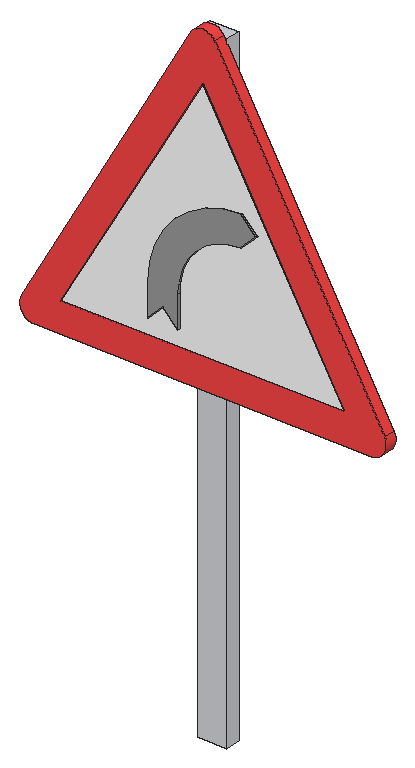
Revit family "CC_SEñales", category Parking, Revit 2018
Family settings
  Work Plane-Based = No
  Always vertical = Yes
  Cut with Voids When Loaded = No
  Shared = No
Parameters (values of type "Panel.Definitivo.CurvaDer")
  tipo1 = CC_Panel_GraficoCurvIzq : CC_Panel_GraficoCurvIzq
  tipo grafico = CC_Panel_GraficoCruIzq : CC_Panel_GraficoCruIzq
  Panel.Prohibido.Diametro.Interior = 900 mm - 120 mm  # 780 mm
  Panel.Prohibido.Diametro = 900 mm
  Panel.Fondo = Panel.Blanco
  Panel.Espesor = 40 mm
  Grafico.Curva.Der = yes
  Grafico.Curva.Izq = no
  Grafico.Cruce.Izq = no
  CC.Palo.Profundidad = 50 mm
  CC.Palo.Ancho = 100 mm
Types (6, lengths in mm): name | Panel.Fondo | Grafico.Curva.Der | Grafico.Curva.Izq | Grafico.Cruce.Izq
  Panel.Definitivo.CurvaIzq | Panel.Blanco | yes | no | no
  Panel.Definitivo.CurvaDer | Panel.Blanco | yes | no | no
  Panel.Obra.CurvaDer | Panel.Amarillo | yes | no | no
  Panel.Obra.CurvaIzq | Panel.Amarillo | no | yes | no
  Panel.Definitivo.CruceIzq | Panel.Amarillo | no | no | yes
  Panel.Obra.CruceIzq | Panel.Amarillo | no | no | yes
Reference planes
  plane 1 "Center (Front/Back)": y = 0
  plane 2: z = 0
  plane 3 "Center (Left/Right)": x = 0
  plane 4: y = -40
Forms (mm)
  Extrusion 1, solid, material "Panel.Rojo"
    sketch origin (443.334, 0, 1260) x (1, 0, 0) y (0, 0, 1)
      loop
        line (-1027.237, -149.711) -> (140.569, -149.711)
        arc (140.569, -149.711) -> (183.871, -124.711) -> (183.87, -74.711) r 50
        line (183.87, -74.711) -> (-404.545, 945.801)
        arc (-404.545, 945.801) -> (-449.986, 968.326) -> (-490.471, 937.779) r 48.257
        line (-490.471, 937.779) -> (-1070.622, -74.856)
        arc (-1070.622, -74.856) -> (-1070.497, -124.784) -> (-1027.237, -149.711) r 50
      loop
        line (-936.468, -44.711) -> (45.306, -44.711) -> (-443.334, 800.425) -> (-936.468, -44.711)
    from 0 to 40
  Extrusion 2, solid, material "Panel.Blanco" <- "Panel.Fondo"
    sketch origin (0, 0, 1500) x (1, 0, 0) y (0, 0, 1)
      loop
        line (-493.135, -284.711) -> (488.641, -284.711) -> (0, 560.425) -> (-493.135, -284.711)
    from 0 to 40
  Extrusion 3, solid
    sketch origin (0.209, -15, 0) x (1, 0, 0) y (0, 1, 0)
      loop
        line (-50, 65) -> (-50, 15) -> (50, 15) -> (50, 65) -> (-50, 65)
    from 0 to 2200
Dimensions and locks
  "Panel.Espesor": plane 4 to plane 1 "Center (Front/Back)"
  Extrusion 1 sketch curve to level = 2205.801 mm
  Extrusion 3 sketch curve to Extrusion 3 sketch curve = 100 mm
  Extrusion 3 sketch curve to Extrusion 3 sketch curve = 50 mm
  "CC.Palo.Ancho": Extrusion 3 to Extrusion 3
  "CC.Palo.Profundidad": Extrusion 3 to Extrusion 3
  aligned and locked: Extrusion 2 to plane 4
  aligned and locked: Extrusion 2 sketch curve to Extrusion 1
  aligned and locked: Extrusion 1 to Extrusion 2 sketch curve
  aligned and locked: Extrusion 1 to plane 4
  aligned and locked: Extrusion 2 to plane 1 "Center (Front/Back)"
  aligned and locked: plane 4 to nested 2
  aligned and locked: plane 3 "Center (Left/Right)" to nested 2
  aligned and locked: plane 3 "Center (Left/Right)" to nested 3
  aligned and locked: plane 4 to nested 3
  aligned and locked: plane 1 "Center (Front/Back)" to Extrusion 3
Automatic sketch dimensions
  Extrusion 3 sketch curve to plane 3 "Center (Left/Right)" = 49.791 mm
  Extrusion 3 sketch curve to Extrusion 3 sketch curve = 100 mm
  Extrusion 3 sketch curve to plane 1 "Center (Front/Back)" = 0 mm
  Extrusion 3 sketch curve to Extrusion 3 sketch curve = 50 mm
  Extrusion 2 sketch curve to plane 3 "Center (Left/Right)" = 0 mm
  plane 3 "Center (Left/Right)" to Extrusion 2 sketch curve = 488.641 mm
  Extrusion 1 sketch curve to plane 3 "Center (Left/Right)" = 0 mm
  Extrusion 1 sketch curve to plane 3 "Center (Left/Right)" = 2.166 mm
  Extrusion 1 sketch curve to plane 3 "Center (Left/Right)" = 47.137 mm
  Extrusion 1 sketch curve to Extrusion 1 sketch curve = 90.769 mm
  plane 3 "Center (Left/Right)" to Extrusion 1 sketch curve = 38.789 mm
  plane 3 "Center (Left/Right)" to Extrusion 1 sketch curve = 488.64 mm
  Extrusion 1 sketch curve to Extrusion 1 sketch curve = 95.263 mm
  Extrusion 1 sketch curve to Extrusion 1 sketch curve = 43.301 mm
  Extrusion 1 sketch curve to Extrusion 1 sketch curve = 55 mm
  Extrusion 1 sketch curve to Extrusion 1 sketch curve = 145.376 mm
  Extrusion 1 sketch curve to Extrusion 1 sketch curve = 25.523 mm
  Extrusion 1 sketch curve to Extrusion 1 sketch curve = 43.384 mm
  Extrusion 1 sketch curve to plane 3 "Center (Left/Right)" = 493.135 mm
  Extrusion 1 sketch curve to Extrusion 1 sketch curve = 50 mm  (x2)
  Extrusion 1 sketch curve to Extrusion 1 sketch curve = 845.136 mm
Nested families
  nested 1: "CC_Panel_GraficoCurvIzq" at (0, -40, 1500), visible <- "Grafico.Curva.Izq", type <- "tipo1", type "CC_Panel_GraficoCurvIzq"
  nested 2: "CC_Panel_GraficoCurvDer" at (0, -40, 1500), visible <- "Grafico.Curva.Der", type "CC_Panel_GraficoCurvDer"
  nested 3: "CC_Panel_GraficoCruIzq" at (0, -40, 1500), visible <- "Grafico.Cruce.Izq", type <- "tipo grafico", type "CC_Panel_GraficoCruIzq"
Definition of nested family "CC_Panel_GraficoCurvIzq"
  Parameters (values of type "CC_Panel_GraficoCurvIzq")
    Panel.Fondo = none
  Reference planes
    plane 1 "Center (Front/Back)": y = 0
    plane 2: z = 0
    plane 3 "Center (Left/Right)": x = 0
  Forms (mm)
    Extrusion 1, solid
      sketch origin (0, 0, 0) x (1, 0, 0) y (0, 0, 1)
        loop
          arc (186.873, -118.21) -> (92.381, 109.796) -> (-135.624, 204.288) r 322.615
          line (-135.624, 204.288) -> (-188.124, 151.788) -> (-135.624, 99.289)
          arc (-135.624, 99.289) -> (18.147, 35.562) -> (81.874, -118.21) r 217.577
          line (81.874, -118.21) -> (81.874, -230.709) -> (134.373, -178.209) -> (186.873, -230.709) -> (186.873, -118.21)
      from 0 to 5
  Lines and regions (mm)
    symbolic lines
      curve 1: line (-675, 0, -389.711) -> (675, 0, -389.711)
      curve 2: line (-675, 0, -389.711) -> (0, 0, 779.423)
      curve 3: line (0, 0, 779.423) -> (675, 0, -389.711)
      curve 4: line (-493.135, 0, -284.711) -> (0, 0, 569.423)
      curve 5: line (0, 0, 569.423) -> (493.135, 0, -284.711)
      curve 6: line (-493.135, 0, -284.711) -> (493.135, 0, -284.711)
  Dimensions and locks
    aligned and locked: level to plane 2
Definition of nested family "CC_Panel_GraficoCurvDer"
  Parameters (values of type "CC_Panel_GraficoCurvDer")
    Panel.Fondo = none
  Reference planes
    plane 1 "Center (Front/Back)": y = 0
    plane 2: z = 0
    plane 3 "Center (Left/Right)": x = 0
  Forms (mm)
    Extrusion 1, solid
      sketch origin (0, 0, 0) x (1, 0, 0) y (0, 0, 1)
        loop
          line (-187.514, -117.214) -> (-187.514, -229.713) -> (-135.015, -177.213) -> (-82.515, -229.713) -> (-82.515, -117.214)
          arc (-82.515, -117.214) -> (-18.788, 36.557) -> (134.983, 100.284) r 217.577
          line (134.983, 100.284) -> (187.483, 152.784) -> (134.983, 205.283)
          arc (134.983, 205.283) -> (-93.023, 110.792) -> (-187.514, -117.214) r 322.615
      from 0 to 5
  Lines and regions (mm)
    symbolic lines
      curve 1: line (-675, 0, -389.711) -> (675, 0, -389.711)
      curve 2: line (-675, 0, -389.711) -> (0, 0, 779.423)
      curve 3: line (0, 0, 779.423) -> (675, 0, -389.711)
      curve 4: line (-493.135, 0, -284.711) -> (0, 0, 569.423)
      curve 5: line (0, 0, 569.423) -> (493.135, 0, -284.711)
      curve 6: line (-493.135, 0, -284.711) -> (493.135, 0, -284.711)
  Dimensions and locks
    aligned and locked: level to plane 2
Definition of nested family "CC_Panel_GraficoCruIzq"
  Parameters (values of type "CC_Panel_GraficoCruIzq")
    Panel.Fondo = none
  Reference planes
    plane 1 "Center (Front/Back)": y = 0
    plane 2: z = 0
    plane 3 "Center (Left/Right)": x = 0
  Forms (mm)
    Extrusion 1, solid
      sketch origin (0, 0, 0) x (1, 0, 0) y (0, 0, 1)
        loop
          line (-97.549, 242.09) -> (-97.549, 95.591) -> (-225.048, 95.591) -> (-225.048, 11.592) -> (-97.549, 11.592) -> (-97.549, -230.406) -> (-0.05, -132.907) -> (97.449, -230.406) -> (97.449, 242.09) -> (-0.05, 339.589) -> (-97.549, 242.09)
      from 0 to 5
  Lines and regions (mm)
    symbolic lines
      curve 1: line (-675, 0, -389.711) -> (675, 0, -389.711)
      curve 2: line (-675, 0, -389.711) -> (0, 0, 779.423)
      curve 3: line (0, 0, 779.423) -> (675, 0, -389.711)
      curve 4: line (-493.135, 0, -284.711) -> (0, 0, 569.423)
      curve 5: line (0, 0, 569.423) -> (493.135, 0, -284.711)
      curve 6: line (-493.135, 0, -284.711) -> (493.135, 0, -284.711)
  Dimensions and locks
    aligned and locked: level to plane 2
